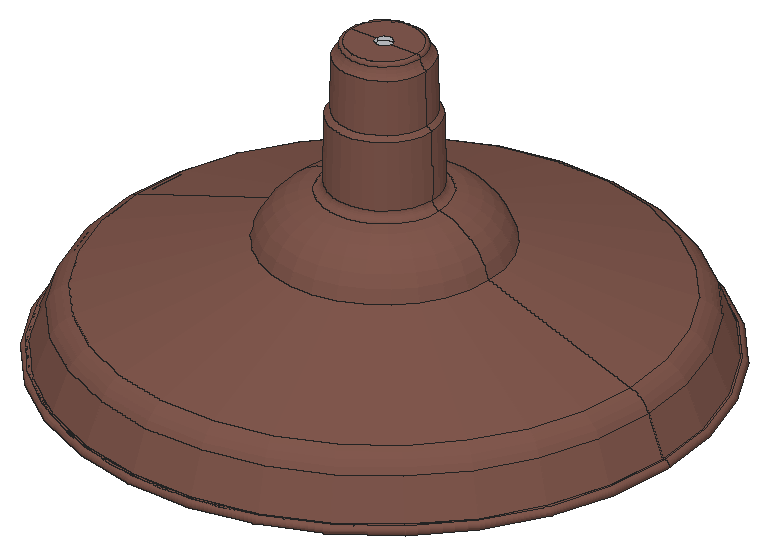
Revit family "S318 SHADE", category Lighting Fixtures, Revit 2024
Family settings
  Round Connector Dimension = Use Diameter
  Part Type = Normal
  OmniClass Number = 23.80.70.00
  OmniClass Title = Lighting
  Work Plane-Based = No
  Always vertical = Yes
  Cut with Voids When Loaded = No
  Light Source = Yes
  Maintain Annotation Orientation = No
  Shared = No
  Room Calculation Point = No
Parameters
  Wattage = 12.1178 W
  built-in parameter 1150110 = 1 (stored number, unit not read)
  built-in parameter 1114217 = 1 (stored number, unit not read)
  built-in parameter 1150109 = 1 (stored number, unit not read)
  built-in parameter 1150134 = (empty or 0)
  built-in parameter 1150113 = 1 (stored number, unit not read)
  Lumens = 1800 lm
  built-in parameter 1150115 = 1 (stored number, unit not read)
  built-in parameter 1150105 = 572.96 (stored number, unit not read)
  Light Source Symbol Size = 2' - 0"
  built-in parameter 1150137 = (empty or 0)
  built-in parameter 1150139 = (empty or 0)
  built-in parameter 1150112 = 1 (stored number, unit not read)
  built-in parameter 1150114 = 1 (stored number, unit not read)
  built-in parameter 1150132 = 2
  built-in parameter 1150102 = (empty or 0)
  built-in parameter 1150138 = (empty or 0)
  built-in parameter 1150107 = 3000 (stored number, unit not read)
  built-in parameter 1150106 = 5.7296 (stored number, unit not read)
  built-in parameter 1150104 = 13.8 (stored number, unit not read)
  Dimming Lamp Color Temperature Shift = (empty or 0)
  Default Elevation = 0' - 0"
  Color Filter = 16777215
  built-in parameter 1114218 = 1 (stored number, unit not read)
  built-in parameter 1150133 = 10 (stored number, unit not read)
Reference planes (in)
  plane 1 "Light Source Axis (F/B)": y = 0
  plane 2: z = 0
  plane 3 "Light Source Axis (L/R)": x = 0
  plane 4 "Light Source Elevation": z = 54
Forms (in)
  Revolve 1, solid
    sketch origin (0, 0, 0) x (1, 0, 0) y (0, 0, 1)
      loop
        line (-8.75208, 54.10229) -> (-8.2759, 55.33607)
        arc (-8.2759, 55.33607) -> (-8.07105, 55.63831) -> (-7.76848, 55.84265) r 0.96374
        arc (-7.76848, 55.84265) -> (-5.5381, 56.68129) -> (-3.24295, 57.32176) r 27.2356
        arc (-3.24295, 57.32176) -> (-2.71057, 58.24358) -> (-1.7536, 58.70982) r 1.81961
        arc (-1.7536, 58.70982) -> (-1.52217, 58.8103) -> (-1.42653, 59.04377) r 0.33493
        line (-1.42653, 59.04377) -> (-1.39394, 60.91069) -> (-1.25786, 61.04677) -> (-1.21817, 62.55721)
        arc (-1.21817, 62.55721) -> (-1.09705, 62.71691) -> (-1.03128, 62.90625) r 0.63973
        line (-1.03128, 62.90625) -> (-0.25, 62.90625) -> (-0.25, 63) -> (-1.0331, 63)
        arc (-1.0331, 63) -> (-1.09933, 62.97257) -> (-1.12676, 62.90634) r 0.09366
        arc (-1.12676, 62.90634) -> (-1.19302, 62.73768) -> (-1.31083, 62.6) r 0.54598
        line (-1.31083, 62.6) -> (-1.35059, 61.08662) -> (-1.48701, 60.9502) -> (-1.52027, 59.04466)
        arc (-1.52027, 59.04466) -> (-1.59091, 58.87412) -> (-1.76145, 58.80348) r 0.24118
        arc (-1.76145, 58.80348) -> (-2.75026, 58.33435) -> (-3.32017, 57.4) r 1.91336
        arc (-3.32017, 57.4) -> (-5.59455, 56.76145) -> (-7.80528, 55.92888) r 27.32935
        arc (-7.80528, 55.92888) -> (-8.13791, 55.70403) -> (-8.36276, 55.3714) r 1.05749
        line (-8.36276, 55.3714) -> (-8.79556, 54.25) -> (-8.875, 54.25)
        arc (-8.875, 54.25) -> (-8.97108, 54.04504) -> (-8.75208, 54.10229) r 0.125
      axis (0, 63) -> (0, 54.10229)
    angle from 0 to 360
Dimensions and locks (in)
  aligned and locked: plane 3 "Light Source Axis (L/R)" to imposter light
  aligned and locked: plane 1 "Light Source Axis (F/B)" to imposter light
  aligned and locked: plane 4 "Light Source Elevation" to imposter light
  aligned and locked: level to plane 2
